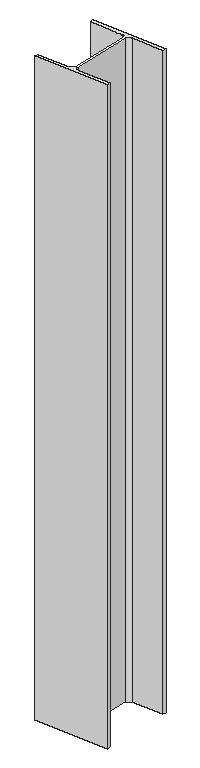
Revit family "CU-Coluna universal-Coluna", category Pilares estruturais, Revit 2019
Family settings
  Forma do corte = Não definido
  Material para o comportamento do modelo = Aço
  Exportar sempre como geometria = Não
  Redução da viga na planta = Da caixa de vinculação
  Número OmniClass = 23.25.30.11.14.11
  Título OmniClass = Columns
  ID de item do Seek = UC-Universal Column-Column-0000-CAN-ENU
  Corte com vazios quando carregada = Não
  Representação simbólica = Das configurações de projeto
  Compartilhado = Não
  Exibir o pré-corte da família na vista da planta = Sim
Parameters (values of type "305x305x97UC")
  W = 0
  Structural Material [instance] = Aço, 45-345
  Assembly Code = ""
  Ix = 22250
  M = 96.9
  Nominal h = "305"
  Zx = 1445
  b = 305.3 mm
  h = 307.9 mm
  r = 15.2 mm
  s = 9.9 mm
  t = 15.4 mm
  A = 0.012 m²
Reference planes
  plane 1: y = 0
  plane 2: z = 0
  plane 3: x = 0
  plane 4: x = -152.65
  plane 5: x = 152.65
  plane 6: y = 153.95
  plane 7: y = -153.95
  plane 8: x = -3.969
  plane 9: x = 3.969
Forms (mm)
  Extrusion 1, solid, material "Aço, 45-345" <- "Structural Material", detail levels medium
    sketch origin (0, 0, 0) x (1, 0, 0) y (0, 1, 0)
      loop
        line (-152.65, 153.95) -> (-152.65, 138.55) -> (-4.95, 138.55) -> (-4.95, -138.55) -> (-152.65, -138.55) -> (-152.65, -153.95) -> (152.65, -153.95) -> (152.65, -138.55) -> (4.95, -138.55) -> (4.95, 138.55) -> (152.65, 138.55) -> (152.65, 153.95) -> (-152.65, 153.95)
    from 0 to 2500
  Extrusion 2, solid, material "Aço, 45-345" <- "Structural Material", detail levels fine
    sketch origin (0, 0, 0) x (1, 0, 0) y (0, 1, 0)
      loop
        line (-152.65, 153.95) -> (-152.65, 138.55) -> (-20.15, 138.55)
        arc (-20.15, 138.55) -> (-9.402, 134.098) -> (-4.95, 123.35) r 15.2
        line (-4.95, 123.35) -> (-4.95, -123.35)
        arc (-4.95, -123.35) -> (-9.402, -134.098) -> (-20.15, -138.55) r 15.2
        line (-20.15, -138.55) -> (-152.65, -138.55) -> (-152.65, -153.95) -> (152.65, -153.95) -> (152.65, -138.55) -> (20.15, -138.55)
        arc (20.15, -138.55) -> (9.402, -134.098) -> (4.95, -123.35) r 15.2
        line (4.95, -123.35) -> (4.95, 123.35)
        arc (4.95, 123.35) -> (9.402, 134.098) -> (20.15, 138.55) r 15.2
        line (20.15, 138.55) -> (152.65, 138.55) -> (152.65, 153.95) -> (-152.65, 153.95)
    from 0 to 2500
Lines and regions (mm)
  symbolic lines, style "StructuralColumnStickSymbols", detail levels coarse
    curve 1: line (-152.65, 153.95, 0) -> (152.65, 153.95, 0)
    curve 2: line (-152.65, -153.95, 0) -> (152.65, -153.95, 0)
    curve 3: line (0, 153.95, 0) -> (0, -153.95, 0)
  symbolic lines, style "Faces ocultas", detail levels medium+fine
    curve 4: line (-3.969, 0, 0) -> (-3.969, 0, 2500)
    curve 5: line (3.969, 0, 2500) -> (3.969, 0, 0)
Dimensions and locks
  equal spacing: plane 4, plane 3, plane 5
  equal spacing: plane 7, plane 1, plane 6
  "h": plane 7 to plane 6
  "b": plane 4 to plane 5
  "t": plane 7 to Extrusion 1 sketch curve
  "t": Extrusion 1 sketch curve to plane 6
  equal spacing: Extrusion 1 sketch curve, plane 3, Extrusion 1 sketch curve
  "s": Extrusion 1 sketch curve to Extrusion 1 sketch curve
  "r": radius of Extrusion 2 sketch curve  (x4)
  aligned and locked: plane 6 to Extrusion 1 sketch curve
  aligned and locked: Extrusion 1 sketch curve to plane 7
  aligned and locked: Extrusion 1 sketch curve to plane 4  (x2)
  aligned and locked: plane 5 to Extrusion 1 sketch curve  (x2)
  aligned and locked: Extrusion 1 sketch curve to Extrusion 1 sketch curve  (x2)
  aligned and locked: level to Extrusion 1
  aligned and locked: level to plane 2
  aligned and locked: Extrusion 1 to plane 2
  aligned and locked: plane 6 to Extrusion 2 sketch curve
  aligned and locked: plane 5 to Extrusion 2 sketch curve  (x2)
  aligned and locked: Extrusion 2 sketch curve to plane 4  (x2)
  aligned and locked: Extrusion 2 sketch curve to Extrusion 1  (x6)
  aligned and locked: Extrusion 2 sketch curve to plane 7
  aligned and locked: level to Extrusion 2
  aligned and locked: Extrusion 2 to level
Automatic sketch dimensions
  curve 2 to plane 4 = 0 mm
  curve 1 to plane 4 = 0 mm
  curve 3 to plane 3 = 0 mm
  curve 2 to plane 5 = 0 mm
  curve 1 to plane 5 = 0 mm
  curve 3 to plane 7 = 0 mm
  curve 3 to plane 6 = 0 mm
  curve 4 to level = 0 mm  (x2)
  curve 4 to plane 8 = 0 mm
  curve 5 to level = 0 mm  (x2)
  curve 5 to plane 9 = 0 mm
Types in the file's own list only (30): name | Ix | M | Nominal h | Zx | b | h | r | s | t | A
  356x406x634UC | 274800 | 633.9 | "356" | 11580 | 424 mm | 475 mm | 15 mm | 48 mm | 77 mm | 0.08 m²
  356x406x551UC | 226900 | 551 | "356" | 9962 | 419 mm | 456 mm | 15 mm | 42 mm | 68 mm | 0.07 m²
  356x406x467UC | 183000 | 467 | "356" | 8383 | 412 mm | 437 mm | 15 mm | 36 mm | 58 mm | 0.06 m²
  356x406x393UC | 146600 | 393 | "356" | 6998 | 407 mm | 419 mm | 15 mm | 31 mm | 49 mm | 0.05 m²
  356x406x340UC | 122500 | 339.9 | "356" | 6031 | 403 mm | 406 mm | 15 mm | 27 mm | 43 mm | 0.04 m²
  356x406x287UC | 99880 | 287.1 | "356" | 5075 | 399 mm | 394 mm | 15 mm | 23 mm | 37 mm | 0.04 m²
  356x406x235UC | 79080 | 235.1 | "356" | 4151 | 395 mm | 381 mm | 15 mm | 18 mm | 30 mm | 0.03 m²
  356x368x202UC | 66260 | 201.9 | "356" | 3538 | 375 mm | 375 mm | 15 mm | 17 mm | 27 mm | 0.03 m²
  356x368x177UC | 57120 | 177 | "356" | 3103 | 373 mm | 368 mm | 15 mm | 14 mm | 24 mm | 0.02 m²
  356x368x153UC | 48590 | 152.9 | "356" | 2684 | 371 mm | 362 mm | 15 mm | 12 mm | 21 mm | 0.02 m²
  356x368x129UC | 40250 | 129 | "356" | 2264 | 369 mm | 356 mm | 15 mm | 10 mm | 18 mm | 0.02 m²
  305x305x283UC | 78870 | 282.9 | "305" | 4318 | 322 mm | 365 mm | 15 mm | 27 mm | 44 mm | 0.04 m²
  305x305x240UC | 64200 | 240 | "305" | 3643 | 318 mm | 353 mm | 15 mm | 23 mm | 38 mm | 0.03 m²
  305x305x198UC | 50900 | 198.1 | "305" | 2995 | 315 mm | 340 mm | 15 mm | 19 mm | 31 mm | 0.03 m²
  305x305x158UC | 38750 | 158.1 | "305" | 2369 | 311 mm | 327 mm | 15 mm | 16 mm | 25 mm | 0.02 m²
  305x305x137UC | 32810 | 136.9 | "305" | 2048 | 309 mm | 321 mm | 15 mm | 14 mm | 22 mm | 0.02 m²
  305x305x118UC | 27670 | 117.9 | "305" | 1760 | 307 mm | 315 mm | 15 mm | 12 mm | 19 mm | 0.02 m²
  254x254x167UC | 30000 | 167.1 | "254" | 2075 | 265 mm | 289 mm | 13 mm | 19 mm | 32 mm | 0.02 m²
  254x254x132UC | 22530 | 132 | "254" | 1631 | 261 mm | 276 mm | 13 mm | 15 mm | 25 mm | 0.02 m²
  254x254x107UC | 17510 | 107.1 | "254" | 1313 | 259 mm | 267 mm | 13 mm | 13 mm | 21 mm | 0.01 m²
  254x254x89UC | 14270 | 88.9 | "254" | 1096 | 256 mm | 260 mm | 13 mm | 10 mm | 17 mm | 0.01 m²
  254x254x73UC | 11410 | 73.1 | "254" | 898 | 255 mm | 254 mm | 13 mm | 9 mm | 14 mm | 0.01 m²
  203x203x86UC | 9449 | 86.1 | "203" | 850 | 209 mm | 222 mm | 10 mm | 13 mm | 21 mm | 0.01 m²
  203x203x71UC | 7618 | 71 | "203" | 706 | 206 mm | 216 mm | 10 mm | 10 mm | 17 mm | 0.01 m²
  203x203x60UC | 6125 | 60 | "203" | 584 | 206 mm | 210 mm | 10 mm | 9 mm | 14 mm | 0.01 m²
  203x203x52UC | 5259 | 52 | "203" | 510 | 204 mm | 206 mm | 10 mm | 8 mm | 13 mm | 0.01 m²
  203x203x46UC | 4568 | 46.1 | "203" | 450 | 204 mm | 203 mm | 10 mm | 7 mm | 11 mm | 0.01 m²
  152x152x37UC | 2210 | 37 | "152" | 273 | 154 mm | 162 mm | 8 mm | 8 mm | 12 mm | 0.00 m²
  152x152x30UC | 1748 | 30 | "152" | 222 | 153 mm | 158 mm | 8 mm | 7 mm | 9 mm | 0.00 m²
  152x152x23UC | 1250 | 23 | "152" | 164 | 152 mm | 152 mm | 8 mm | 6 mm | 7 mm | 0.00 m²
